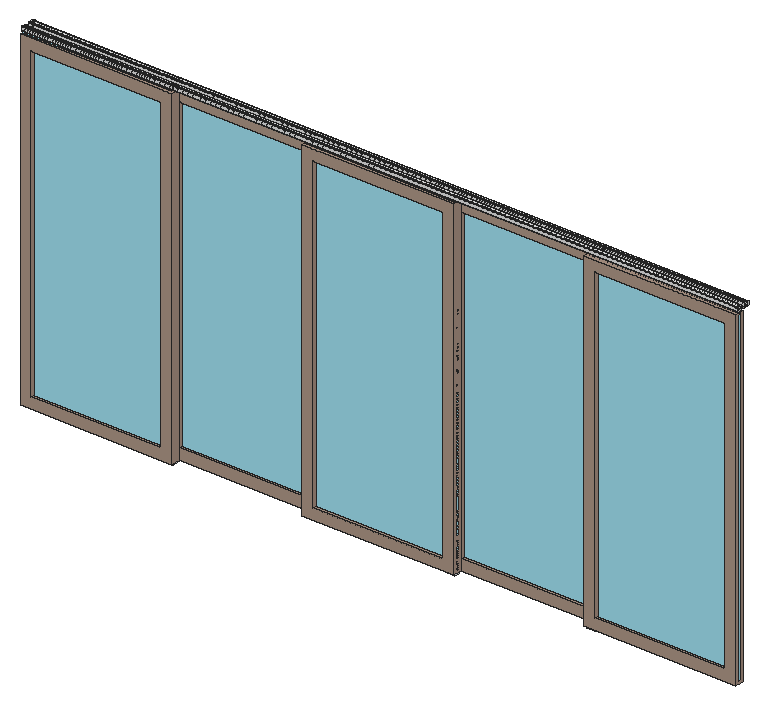
Revit family "5 Panel Slide SB5 XRDLP", category Doors, host Wall, Revit 2016
Family settings
  Host = Wall
  Always vertical = Yes
  Cut with Voids When Loaded = No
  Shared = No
  Room Calculation Point = No
Parameters (values of type "198"x 94 1/8"")
  URL = "www.raydoor.com"
  Type Image = SB5.jpg
  Thickness = 2 1/4"  # constant formula
  Rough Width = 1"  # constant formula
  Rough Height = 1/4"  # constant formula
  Model = "SB5"
  Function = Interior
  Door Material = Door - Panel
  Panel Material = Glass, Cast, Gray
  Height = 94 1/8"
  Trim Projection Ext = 63/64"  # constant formula
  Typ = 3"  # constant formula
  Wall Closure = By host
  Width = 198"
  Assembly Code = "SB5 XRDLP"
  Analytic Construction = "<None>"
Reference planes (in)
  plane 1: y = 0
  plane 2: z = 0
  plane 3: x = 0
  plane 4: x = -99
  plane 5: x = 99
  plane 6: z = 94.125
  plane 7: z = 92.9375
  plane 8: x = 96
  plane 9: x = 97.5
  plane 10: x = 18
  plane 11: x = 19.5
  plane 12: x = 21
  plane 13: x = -97.5
  plane 14: x = -96
  plane 15: y = 0.125
  plane 16: y = -2.375
  plane 17: y = 2.375
  plane 18: y = -0.125
  plane 19: x = -58.5
  plane 20: x = -57
  plane 21: x = -60
  plane 22: x = 58.5
  plane 23: x = 60
  plane 24: x = 57
  plane 25: x = -19.5
  plane 26: x = -18
  plane 27: x = -21
Forms (in)
  Extrusion 1, solid, material "Door - Panel" <- "Door Material"
    sketch origin (-58, 2.62273, 0.25) x (1, 0, 0) y (0, 0, 1)
      loop
        line (76, 92.125) -> (76, 0.25) -> (118, 0.25) -> (118, 92.125) -> (76, 92.125)
      loop
        line (79, 89.125) -> (79, 3.25) -> (115, 3.25) -> (115, 89.125) -> (79, 89.125)
    from 0.24937 to 2.49773
  Extrusion 2, void
    sketch origin (-57.92216, -7.89221, -90.75) x (1, 0, 0) y (0, 0, 1)
      loop
        line (75.92216, 92.125) -> (75.92216, 91.25) -> (117.92216, 91.25) -> (117.92216, 92.125) -> (75.92216, 92.125)
    from -9.26557 to -9.01721
  Extrusion 3, solid, material "Door - Panel" <- "Door Material"
    sketch origin (-99, 0.3721, 0.25) x (1, 0, 0) y (0, 0, 1)
      loop
        line (0, 92.125) -> (0, 0.25) -> (42, 0.25) -> (42, 92.125) -> (0, 92.125)
      loop
        line (3, 89.125) -> (3, 3.25) -> (39, 3.25) -> (39, 89.125) -> (3, 89.125)
    from 0.4971 to 2.7471
  Extrusion 4, solid, material "Glass, Cast, Gray" <- "Panel Material"
    sketch origin (-98.99995, -7.34164, 0.25) x (1, 0, 0) y (0, 0, 1)
      loop
        line (-0.00005, 92.125) -> (-0.00005, 1.125) -> (41.99995, 1.125) -> (41.99995, 92.125) -> (-0.00005, 92.125)
    from -6.21664 to -5.96828
  Extrusion 5, void
    sketch origin (-99, -14.51721, -90.75) x (1, 0, 0) y (0, 0, 1)
      loop
        line (0, 92.125) -> (0, 91.25) -> (42, 91.25) -> (42, 92.125) -> (0, 92.125)
    from -13.39221 to -13.14385
  Extrusion 6, solid, material "UHMW, White"
    sketch origin (0, 42.66856, -9.0893) x (0, 1, 0) y (0, 0, 1)
      loop
        line (-40.98125, 103.19868) -> (-41.00944, 103.2143) -> (-41.82807, 103.2143) -> (-41.85625, 103.19868)
        arc (-41.85625, 103.19868) -> (-41.80157, 103.14399) -> (-41.85625, 103.0893) r 0.05469
        line (-41.85625, 103.0893) -> (-41.98125, 103.0893)
        arc (-41.98125, 103.0893) -> (-42.00335, 103.08015) -> (-42.0125, 103.05805) r 0.03125
        line (-42.0125, 103.05805) -> (-42.0125, 102.01916)
        arc (-42.0125, 102.01916) -> (-42.00619, 102.00031) -> (-41.9898, 101.98907) r 0.0313
        line (-41.9898, 101.98907) -> (-41.79375, 101.93305) -> (-41.69219, 101.93305)
        arc (-41.69219, 101.93305) -> (-41.67401, 101.9417) -> (-41.66924, 101.96126) r 0.02344
        arc (-41.66924, 101.96126) -> (-41.67141, 101.97686) -> (-41.68296, 101.98757) r 0.02344
        line (-41.68296, 101.98757) -> (-41.93438, 102.0594) -> (-41.93438, 102.13127) -> (-41.95, 102.19377) -> (-41.95, 102.99555) -> (-41.80157, 103.006) -> (-41.70968, 103.12055) -> (-41.12783, 103.12055) -> (-41.03594, 103.006) -> (-40.8875, 102.99555) -> (-40.8875, 102.19377) -> (-40.90313, 102.13127) -> (-40.90313, 102.0594) -> (-41.15455, 101.98757)
        arc (-41.15455, 101.98757) -> (-41.1661, 101.97686) -> (-41.16826, 101.96126) r 0.02344
        arc (-41.16826, 101.96126) -> (-41.1635, 101.9417) -> (-41.14532, 101.93305) r 0.02344
        line (-41.14532, 101.93305) -> (-41.04375, 101.93305) -> (-40.84771, 101.98907)
        arc (-40.84771, 101.98907) -> (-40.83132, 102.00031) -> (-40.825, 102.01916) r 0.0313
        line (-40.825, 102.01916) -> (-40.825, 103.05805)
        arc (-40.825, 103.05805) -> (-40.83416, 103.08015) -> (-40.85625, 103.0893) r 0.03125
        line (-40.85625, 103.0893) -> (-40.98125, 103.0893)
        arc (-40.98125, 103.0893) -> (-41.03594, 103.14399) -> (-40.98125, 103.19868) r 0.05469
    from -99 to 99
  Extrusion 7, solid, material "UHMW, White"
    sketch origin (-41.44048, 1.65912, 94.125) x (0, -1, 0) y (1, 0, 0)
      loop
        circle (2.90868, 99.94048) r 0.125
    from -1.75 to -0.09375
  Extrusion 8, solid, material "UHMW, White"
    sketch origin (0, 40.4202, -9.0893) x (0, 1, 0) y (0, 0, 1)
      loop
        line (-41.23289, 103.19868) -> (-41.26108, 103.2143) -> (-42.07971, 103.2143) -> (-42.10789, 103.19868)
        arc (-42.10789, 103.19868) -> (-42.05321, 103.14399) -> (-42.10789, 103.0893) r 0.05469
        line (-42.10789, 103.0893) -> (-42.23289, 103.0893)
        arc (-42.23289, 103.0893) -> (-42.25499, 103.08015) -> (-42.26414, 103.05805) r 0.03125
        line (-42.26414, 103.05805) -> (-42.26414, 102.01916)
        arc (-42.26414, 102.01916) -> (-42.25783, 102.00031) -> (-42.24144, 101.98907) r 0.0313
        line (-42.24144, 101.98907) -> (-42.04539, 101.93305) -> (-41.94383, 101.93305)
        arc (-41.94383, 101.93305) -> (-41.92565, 101.9417) -> (-41.92088, 101.96126) r 0.02344
        arc (-41.92088, 101.96126) -> (-41.92305, 101.97686) -> (-41.9346, 101.98757) r 0.02344
        line (-41.9346, 101.98757) -> (-42.18602, 102.0594) -> (-42.18602, 102.13127) -> (-42.20164, 102.19377) -> (-42.20164, 102.99555) -> (-42.05321, 103.006) -> (-41.96132, 103.12055) -> (-41.37947, 103.12055) -> (-41.28758, 103.006) -> (-41.13914, 102.99555) -> (-41.13914, 102.19377) -> (-41.15477, 102.13127) -> (-41.15477, 102.0594) -> (-41.40619, 101.98757)
        arc (-41.40619, 101.98757) -> (-41.41774, 101.97686) -> (-41.4199, 101.96126) r 0.02344
        arc (-41.4199, 101.96126) -> (-41.41514, 101.9417) -> (-41.39696, 101.93305) r 0.02344
        line (-41.39696, 101.93305) -> (-41.29539, 101.93305) -> (-41.09935, 101.98907)
        arc (-41.09935, 101.98907) -> (-41.08296, 102.00031) -> (-41.07664, 102.01916) r 0.0313
        line (-41.07664, 102.01916) -> (-41.07664, 103.05805)
        arc (-41.07664, 103.05805) -> (-41.0858, 103.08015) -> (-41.10789, 103.0893) r 0.03125
        line (-41.10789, 103.0893) -> (-41.23289, 103.0893)
        arc (-41.23289, 103.0893) -> (-41.28758, 103.14399) -> (-41.23289, 103.19868) r 0.05469
    from -99 to 99
  Extrusion 9, solid, material "UHMW, White"
    sketch origin (-92.86615, -11.16274, 94.125) x (0, -1, 0) y (1, 0, 0)
      loop
        circle (-12.41356, 34.36615) r 0.125
    from -1.75 to 0
  Extrusion 10, solid, material "Door - Panel" <- "Door Material"
    sketch origin (-99, 2.87047, 0.25) x (1, 0, 0) y (0, 0, 1)
      loop
        line (39, 92.125) -> (39, 0.25) -> (81, 0.25) -> (81, 92.125) -> (39, 92.125)
      loop
        line (42, 89.125) -> (42, 3.25) -> (78, 3.25) -> (78, 89.125) -> (42, 89.125)
    from 0.4971 to 2.74547
  Extrusion 11, solid, material "Glass, Cast, Gray" <- "Panel Material"
    sketch origin (-98.99995, -4.84328, 0.25) x (1, 0, 0) y (0, 0, 1)
      loop
        line (38.99995, 92.125) -> (38.99995, 1.125) -> (80.99995, 1.125) -> (80.99995, 92.125) -> (38.99995, 92.125)
    from -6.21664 to -5.96828
  Extrusion 12, void
    sketch origin (-99, -12.01885, -90.75) x (1, 0, 0) y (0, 0, 1)
      loop
        line (39, 92.125) -> (39, 91.25) -> (81, 91.25) -> (81, 92.125) -> (39, 92.125)
    from -13.39221 to -13.14385
  Extrusion 13, solid, material "Door - Panel" <- "Door Material"
    sketch origin (-67, 2.87047, 0.25) x (1, 0, 0) y (0, 0, 1)
      loop
        line (124, 92.125) -> (124, 0.25) -> (166, 0.25) -> (166, 92.125) -> (124, 92.125)
      loop
        line (127, 89.125) -> (127, 3.25) -> (163, 3.25) -> (163, 89.125) -> (127, 89.125)
    from 2.99547 to 5.24547
  Extrusion 14, solid, material "Glass, Cast, Gray" <- "Panel Material"
    sketch origin (-66.99995, -9.09328, 0.25) x (1, 0, 0) y (0, 0, 1)
      loop
        line (123.99995, 92.125) -> (123.99995, 1.125) -> (165.99995, 1.125) -> (165.99995, 92.125) -> (123.99995, 92.125)
    from -7.96664 to -7.71828
  Extrusion 15, void
    sketch origin (-67, -14.01885, -90.75) x (1, 0, 0) y (0, 0, 1)
      loop
        line (124, 92.125) -> (124, 91.25) -> (166, 91.25) -> (166, 92.125) -> (124, 92.125)
    from -12.89221 to -12.64385
  Extrusion 16, solid, material "Glass, Cast, Gray" <- "Panel Material"
    sketch origin (-58.59168, -1.02543, 0.25) x (1, 0, 0) y (0, 0, 1)
      loop
        line (76.59168, 92.125) -> (76.59168, 1.125) -> (118.59168, 1.125) -> (118.59168, 92.125) -> (76.59168, 92.125)
    from -2.39879 to -2.15043
  Extrusion 17, solid, material "Door - Panel" <- "Door Material"
    sketch origin (-15, 0.3721, 0.25) x (1, 0, 0) y (0, 0, 1)
      loop
        line (-6, 92.125) -> (-6, 0.25) -> (36, 0.25) -> (36, 92.125) -> (-6, 92.125)
      loop
        line (-3, 89.125) -> (-3, 3.25) -> (33, 3.25) -> (33, 89.125) -> (-3, 89.125)
    from 0.4971 to 2.7471
  Extrusion 18, solid, material "Glass, Cast, Gray" <- "Panel Material"
    sketch origin (-14.99995, -7.34164, 0.25) x (1, 0, 0) y (0, 0, 1)
      loop
        line (-6.00005, 92.125) -> (-6.00005, 1.125) -> (35.99995, 1.125) -> (35.99995, 92.125) -> (-6.00005, 92.125)
    from -6.21664 to -5.96828
  Extrusion 19, void
    sketch origin (-15, -14.51721, -90.75) x (1, 0, 0) y (0, 0, 1)
      loop
        line (-6, 92.125) -> (-6, 91.25) -> (36, 91.25) -> (36, 92.125) -> (-6, 92.125)
    from -13.39221 to -13.14385
  Extrusion 20, solid, material "UHMW, White", detail levels medium+fine
    sketch origin (27.1527, -1.73342, 0.25) x (0, 1, 0) y (0, 0, 1)
      loop
        line (3.66928, -0.25) -> (3.66928, -0.0625) -> (3.10678, -0.0625) -> (3.10678, 0.75) -> (2.91928, 0.75) -> (2.91928, -0.0625) -> (2.35678, -0.0625) -> (2.35678, -0.25) -> (3.66928, -0.25)
      loop
        line (-0.04289, 93.65625) -> (-0.04289, 92.85447) -> (1.00562, 92.85447) -> (1.00562, 93.65625) -> (-0.04289, 93.65625)
    from -84.4027 to -86.9027
  Extrusion 21, solid, material "UHMW, White", detail levels medium+fine
    sketch origin (27.1527, -4.23342, 0.25) x (0, 1, 0) y (0, 0, 1)
      loop
        line (3.67092, -0.25) -> (3.67092, -0.0625) -> (3.10842, -0.0625) -> (3.10842, 0.75) -> (2.92092, 0.75) -> (2.92092, -0.0625) -> (2.35842, -0.0625) -> (2.35842, -0.25) -> (3.67092, -0.25)
    from -84.4027 to -86.9027
  Extrusion 22, solid, material "UHMW, White", detail levels medium+fine
    sketch origin (105.1527, -4.23342, 0.25) x (0, 1, 0) y (0, 0, 1)
      loop
        line (3.67092, -0.25) -> (3.67092, -0.0625) -> (3.10842, -0.0625) -> (3.10842, 0.75) -> (2.92092, 0.75) -> (2.92092, -0.0625) -> (2.35842, -0.0625) -> (2.35842, -0.25) -> (3.67092, -0.25)
    from -84.4027 to -86.9027
  Extrusion 23, solid, material "UHMW, White", detail levels medium+fine
    sketch origin (188.27771, 0.76658, 0.25) x (0, 1, 0) y (0, 0, 1)
      loop
        line (1.16928, -0.25) -> (1.16928, -0.0625) -> (0.60678, -0.0625) -> (0.60678, 0.75) -> (0.41928, 0.75) -> (0.41928, -0.0625) -> (-0.14322, -0.0625) -> (-0.14322, -0.25) -> (1.16928, -0.25)
      loop
        line (-0.04125, 93.65625) -> (-0.04125, 92.85447) -> (1.00726, 92.85447) -> (1.00726, 93.65625) -> (-0.04125, 93.65625)
    from -128.52771 to -131.02771
  Extrusion 24, solid, material "UHMW, White", detail levels medium+fine
    sketch origin (144.1527, -4.23342, 0.25) x (0, 1, 0) y (0, 0, 1)
      loop
        line (3.67092, -0.25) -> (3.67092, -0.0625) -> (3.10842, -0.0625) -> (3.10842, 0.75) -> (2.92092, 0.75) -> (2.92092, -0.0625) -> (2.35842, -0.0625) -> (2.35842, -0.25) -> (3.67092, -0.25)
    from -84.4027 to -86.9027
Cuts and joins
  Extrusion 2 cuts Extrusion 1
  Extrusion 5, Extrusion 12, Extrusion 19 cuts Extrusion 3
  Extrusion 5, Extrusion 12, Extrusion 19 cuts Extrusion 4
  Extrusion 12, Extrusion 15 cuts Extrusion 10
  Extrusion 12, Extrusion 15 cuts Extrusion 11
  Extrusion 15 cuts Extrusion 13
  Extrusion 15 cuts Extrusion 14
  Extrusion 19 cuts Extrusion 17
  Extrusion 19 cuts Extrusion 18
Lines and regions (in)
  Opening 1
    outline origin (-60, -2.99773, 144) x (0, 0, -1) y (1, 0, 0)
      loop
        line (49.875, -39) -> (144, -39) -> (144, 159) -> (49.875, 159) -> (49.875, -39)
  Masking region 1
    outline origin (-7.24693, 27.04592, 0) x (1, 0, 0) y (0, 1, 0)
      loop
        line (-49.75307, -29.42092) -> (-49.75307, -27.17092) -> (-91.75307, -27.17092) -> (-91.75307, -29.42092) -> (-49.75307, -29.42092)
  Masking region 2
    outline origin (-7.24693, 29.28975, 0) x (1, 0, 0) y (0, 1, 0)
      loop
        line (-49.75307, -29.16475) -> (-49.75307, -26.91475) -> (-91.75307, -26.91475) -> (-91.75307, -29.16475) -> (-49.75307, -29.16475)
  Masking region 3
    outline origin (41.75307, 34.80676, 0) x (1, 0, 0) y (0, 1, 0)
      loop
        line (57.24693, -37.18176) -> (57.24693, -34.93176) -> (15.24693, -34.93176) -> (15.24693, -37.18176) -> (57.24693, -37.18176)
  Masking region 4
    outline origin (41.75307, 37.05059, 0) x (1, 0, 0) y (0, 1, 0)
      loop
        line (57.24693, -36.92559) -> (57.24693, -34.67559) -> (15.24693, -34.67559) -> (15.24693, -36.92559) -> (57.24693, -36.92559)
  Masking region 5
    outline origin (48.44629, 21.19233, 0) x (1, 0, 0) y (0, 1, 0)
      loop
        line (-66.44629, -23.56733) -> (-66.44629, -21.31733) -> (-105.44629, -21.31733) -> (-105.44629, -23.56733) -> (-66.44629, -23.56733)
  symbolic lines, style "Elevation Swing"
    curve 1: line (-49.00001, 0, 37.98833) -> (-29.00001, 0, 37.98833)
    curve 2: line (-29.00001, 0, 32.79755) -> (-49.00001, 0, 32.79755)
    curve 3: line (-49.00001, 0, 37.98833) -> (-43.80385, 0, 40.98833)
    curve 4: line (-34.19616, 0, 29.79755) -> (-29.00001, 0, 32.79755)
    curve 14: line (29, 0, 37.98833) -> (49, 0, 37.98833)
    curve 15: line (49, 0, 32.79755) -> (29, 0, 32.79755)
    curve 16: line (29, 0, 37.98833) -> (34.19616, 0, 40.98833)
    curve 17: line (43.80385, 0, 29.79755) -> (49, 0, 32.79755)
  symbolic lines, style "Plan Swing"
    curve 5: line (49, -14.55138, 0) -> (29, -14.55138, 0)
    curve 6: line (29, -14.55138, 0) -> (31.12132, -12.43006, 0)
    curve 7: line (49, -16.07036, 0) -> (28.2102, -16.07036, 0)
    curve 8: line (46.87868, -18.19168, 0) -> (49, -16.07036, 0)
    curve 10: line (-29.00001, -14.55138, 0) -> (-49.00001, -14.55138, 0)
    curve 11: line (-49.00001, -14.55138, 0) -> (-46.87869, -12.43006, 0)
    curve 12: line (-29.00001, -16.07036, 0) -> (-49.78981, -16.07036, 0)
    curve 13: line (-31.12133, -18.19168, 0) -> (-29.00001, -16.07036, 0)
  model lines
    curve 9: line (-99, 3.00227, 0) -> (99, 3.00227, 0)
Dimensions and locks (in)
  equal spacing: plane 4, plane 3, plane 5
  "Width": plane 4 to plane 5
  "Height": plane 6 to plane 2
  locked: plane 6 to plane 7 at 1.1875
  equal spacing: plane 8, plane 9, plane 5, locked at 1.5 each
  "Typ": plane 8 to plane 5
  equal spacing: plane 10, plane 11, plane 12, locked at 1.5 each
  "Typ": plane 10 to plane 12
  equal spacing: plane 13, plane 19, plane 25, plane 11, plane 22, plane 9
  "Typ": Extrusion 1 sketch curve to Extrusion 1 sketch curve  (x2)
  locked: Extrusion 2 to Extrusion 2 at 0.24836
  "Typ": Extrusion 3 sketch curve to Extrusion 3 sketch curve  (x2)
  locked: Extrusion 4 to Extrusion 4 at 0.24836
  locked: Extrusion 3 to Extrusion 4 at 1
  locked: Extrusion 4 sketch curve to Extrusion 3 at 0.875
  locked: Extrusion 5 to Extrusion 5 at 0.24836
  locked: plane 15 to plane 18 at 0.25
  "Typ": plane 4 to plane 14
  "Thickness": plane 17 to plane 15
  "Thickness": plane 18 to plane 16
  equal spacing: plane 4, plane 13, plane 14
  locked: plane 17 to Extrusion 9 sketch curve at 1.24918
  locked: Extrusion 7 sketch curve to plane 16 at 1.00044
  equal spacing: plane 21, plane 19, plane 20, locked at 1.5 each
  "Typ": plane 21 to plane 20
  equal spacing: plane 24, plane 22, plane 23
  "Typ": plane 24 to plane 23
  "Typ": Extrusion 10 sketch curve to Extrusion 10 sketch curve  (x2)
  locked: Extrusion 11 to Extrusion 11 at 0.24836
  locked: Extrusion 10 to Extrusion 11 at 1
  locked: Extrusion 11 sketch curve to Extrusion 10 at 0.875
  locked: Extrusion 12 to Extrusion 12 at 0.24836
  locked: cut or joined group of Extrusion 11, Extrusion 12, Extrusion 15 to plane 15 at 1
  "Typ": Extrusion 13 sketch curve to Extrusion 13 sketch curve  (x2)
  locked: Extrusion 14 to Extrusion 14 at 0.24836
  Extrusion 13 to Extrusion 14 = 1.00164"
  locked: Extrusion 14 sketch curve to Extrusion 13 at 0.875
  locked: Extrusion 15 to Extrusion 15 at 0.24836
  locked: Extrusion 7 sketch curve to plane 23 at 1.375
  equal spacing: plane 27, plane 25, plane 26
  "Typ": plane 27 to plane 26
  locked: Extrusion 16 to Extrusion 16 at 0.24836
  locked: plane 15 to Extrusion 16 at 1
  "Typ": Extrusion 17 sketch curve to Extrusion 17 sketch curve  (x2)
  locked: Extrusion 18 to Extrusion 18 at 0.24836
  locked: Extrusion 17 to Extrusion 18 at 1
  locked: Extrusion 18 sketch curve to Extrusion 17 at 0.875
  locked: Extrusion 19 to Extrusion 19 at 0.24836
  Extrusion 20 sketch curve to Extrusion 20 sketch curve = 3/16"
  locked: Extrusion 20 sketch curve to Extrusion 20 sketch curve at 0.5625  (x2)
  locked: Extrusion 20 sketch curve to Extrusion 20 sketch curve at 0.1875
  locked: Extrusion 20 to Extrusion 20 at 2.5
  "Rough Height": plane 21 to Extrusion 20
  Extrusion 21 sketch curve to Extrusion 21 sketch curve = 3/16"
  locked: Extrusion 21 sketch curve to Extrusion 21 sketch curve at 0.5625  (x2)
  locked: Extrusion 21 sketch curve to Extrusion 21 sketch curve at 0.1875
  locked: Extrusion 21 to Extrusion 21 at 2.5
  "Rough Height": plane 21 to Extrusion 21
  Extrusion 22 sketch curve to Extrusion 22 sketch curve = 3/16"
  locked: Extrusion 22 sketch curve to Extrusion 22 sketch curve at 0.5625  (x2)
  locked: Extrusion 22 sketch curve to Extrusion 22 sketch curve at 0.1875
  locked: Extrusion 22 to Extrusion 22 at 2.5
  "Rough Height": plane 10 to Extrusion 22
  Extrusion 23 sketch curve to Extrusion 23 sketch curve = 3/16"
  locked: Extrusion 23 sketch curve to Extrusion 23 sketch curve at 0.5625  (x2)
  locked: Extrusion 23 sketch curve to Extrusion 23 sketch curve at 0.1875
  locked: Extrusion 23 to Extrusion 23 at 2.5
  "Rough Height": plane 24 to Extrusion 23
  Extrusion 24 sketch curve to Extrusion 24 sketch curve = 3/16"
  locked: Extrusion 24 sketch curve to Extrusion 24 sketch curve at 0.5625  (x2)
  locked: Extrusion 24 sketch curve to Extrusion 24 sketch curve at 0.1875
  locked: Extrusion 24 to Extrusion 24 at 2.5
  "Rough Height": plane 24 to Extrusion 24
  diameter of Extrusion 7 sketch curve = 1/4"
  diameter of Extrusion 9 sketch curve = 1/4"
  aligned and locked: plane 5 to curve 9
  aligned and locked: Opening 1 sketch curve to plane 5
  aligned and locked: Opening 1 sketch curve to plane 4
  aligned and locked: Extrusion 1 to Extrusion 2  (x3)
  aligned and locked: Extrusion 3 to Extrusion 4
  aligned and locked: Extrusion 3 to Extrusion 5  (x3)
  aligned and locked: plane 4 to cut or joined group of Extrusion 3, Extrusion 5, Extrusion 12, Extrusion 19
  aligned and locked: plane 4 to cut or joined group of Extrusion 4, Extrusion 5, Extrusion 12, Extrusion 19
  aligned and locked: cut or joined group of Extrusion 3, Extrusion 5, Extrusion 12, Extrusion 19 to plane 14
  aligned and locked: plane 17 to Masking region 2
  aligned and locked: Masking region 2 to plane 15
  aligned and locked: Extrusion 7 to Extrusion 6
  aligned and locked: plane 4 to Extrusion 8
  aligned and locked: plane 4 to Extrusion 6
  aligned and locked: plane 4 to Masking region 1
  aligned and locked: plane 18 to Masking region 1
  aligned and locked: Masking region 1 to plane 16
  aligned and locked: Extrusion 3 to plane 20
  aligned and locked: cut or joined group of Extrusion 3, Extrusion 5, Extrusion 12, Extrusion 19 to Extrusion 4
  aligned and locked: cut or joined group of Extrusion 3, Extrusion 5, Extrusion 12, Extrusion 19 to plane 16
  aligned and locked: plane 18 to cut or joined group of Extrusion 3, Extrusion 5, Extrusion 12, Extrusion 19
  aligned and locked: plane 10 to cut or joined group of Extrusion 1, Extrusion 2
  aligned and locked: cut or joined group of Extrusion 1, Extrusion 2 to plane 23
  aligned and locked: cut or joined group of Extrusion 1, Extrusion 2 to plane 24
  aligned and locked: Masking region 1 to plane 20
  aligned and locked: cut or joined group of Extrusion 4, Extrusion 5, Extrusion 12, Extrusion 19 to Extrusion 5
  aligned and locked: Extrusion 10 to Extrusion 11
  aligned and locked: Extrusion 10 to Extrusion 12  (x2)
  aligned and locked: Extrusion 10 to Masking region 2
  aligned and locked: Masking region 2 to Extrusion 10
  aligned and locked: cut or joined group of Extrusion 10, Extrusion 12, Extrusion 15 to plane 20
  aligned and locked: cut or joined group of Extrusion 10, Extrusion 12, Extrusion 15 to plane 21
  aligned and locked: cut or joined group of Extrusion 11, Extrusion 12, Extrusion 15 to plane 21
  aligned and locked: Extrusion 3 to plane 21
  aligned and locked: plane 4 to Masking region 2
  aligned and locked: Masking region 2 to plane 20
  aligned and locked: Extrusion 13 to Extrusion 14
  aligned and locked: Extrusion 13 to Extrusion 15  (x3)
  aligned and locked: cut or joined group of Extrusion 13, Extrusion 15 to plane 5
  aligned and locked: cut or joined group of Extrusion 14, Extrusion 15 to plane 5
  aligned and locked: plane 8 to cut or joined group of Extrusion 13, Extrusion 15
  aligned and locked: cut or joined group of Extrusion 13, Extrusion 15 to plane 23
  aligned and locked: cut or joined group of Extrusion 13, Extrusion 15 to plane 24
  aligned and locked: cut or joined group of Extrusion 14, Extrusion 15 to plane 24
  aligned and locked: Masking region 3 to plane 16
  aligned and locked: Masking region 3 to plane 18
  aligned and locked: Masking region 3 to plane 5
  aligned and locked: Masking region 3 to plane 24
  aligned and locked: Masking region 4 to plane 15
  aligned and locked: Masking region 4 to plane 17
  aligned and locked: Masking region 4 to plane 5
  aligned and locked: Masking region 4 to plane 24
  aligned and locked: Extrusion 8 to plane 5
  aligned and locked: Extrusion 6 to plane 5
  aligned and locked: Extrusion 10 to plane 26
  aligned and locked: cut or joined group of Extrusion 10, Extrusion 12, Extrusion 15 to plane 27
  aligned and locked: cut or joined group of Extrusion 10, Extrusion 12, Extrusion 15 to Extrusion 12
  aligned and locked: cut or joined group of Extrusion 11, Extrusion 12, Extrusion 15 to plane 26
  aligned and locked: cut or joined group of Extrusion 1, Extrusion 2 to plane 17
  aligned and locked: cut or joined group of Extrusion 1, Extrusion 2 to plane 15
  aligned and locked: plane 10 to Extrusion 16
  aligned and locked: cut or joined group of Extrusion 13, Extrusion 15 to plane 16
  aligned and locked: cut or joined group of Extrusion 13, Extrusion 15 to plane 18
  aligned and locked: Extrusion 2 to Extrusion 16
  aligned and locked: Extrusion 15 to cut or joined group of Extrusion 14, Extrusion 15
  aligned and locked: Extrusion 17 to Extrusion 18
  aligned and locked: Extrusion 17 to Extrusion 19  (x3)
  aligned and locked: cut or joined group of Extrusion 17, Extrusion 19 to plane 27
  aligned and locked: cut or joined group of Extrusion 18, Extrusion 19 to plane 27
  aligned and locked: cut or joined group of Extrusion 17, Extrusion 19 to plane 26
  aligned and locked: cut or joined group of Extrusion 18, Extrusion 19 to plane 12
  aligned and locked: cut or joined group of Extrusion 17, Extrusion 19 to plane 12
  aligned and locked: plane 10 to cut or joined group of Extrusion 17, Extrusion 19
  aligned and locked: plane 18 to Masking region 5
  aligned and locked: Masking region 5 to plane 16
  aligned and locked: plane 20 to Masking region 5
  aligned and locked: Masking region 5 to plane 26
  aligned and locked: Extrusion 20 sketch curve to Extrusion 20 sketch curve
  aligned and locked: Extrusion 21 sketch curve to Extrusion 21 sketch curve
  aligned and locked: cut or joined group of Extrusion 3, Extrusion 5, Extrusion 12, Extrusion 19 to Extrusion 21
  aligned and locked: Extrusion 22 sketch curve to Extrusion 22 sketch curve
  aligned and locked: cut or joined group of Extrusion 1, Extrusion 2 to Extrusion 16
  aligned and locked: Extrusion 24 sketch curve to Extrusion 24 sketch curve
Automatic sketch dimensions
  curve 16 to plane 12 = 8"
  level to curve 16 = 37.98833"
  curve 3 to plane 20 = 8"
  level to curve 3 = 37.98833"
  curve 17 to plane 24 = 8"
  curve 14 to curve 17 = 5.19077"
  curve 1 to curve 2 = 5.19077"
  curve 2 to plane 27 = 8"
  curve 3 to plane 20 = 13.19615"
  curve 3 to curve 1 = 3"
  curve 16 to plane 12 = 13.19616"
  curve 16 to curve 14 = 3"
  curve 17 to plane 24 = 13.19615"
  curve 15 to curve 17 = 3"
  curve 4 to plane 27 = 13.19616"
  curve 2 to curve 4 = 3"
  curve 1 to curve 2 = 0"  (x2)
  curve 14 to curve 15 = 0"  (x2)
  Opening 1 sketch curve to plane 6 = 0"
  Opening 1 sketch curve to level = 0"
  curve 11 to plane 20 = 8"
  curve 12 to plane 27 = 8"
  curve 6 to plane 12 = 8"
  curve 7 to plane 24 = 8"
  host wall to curve 8 = 13.07263"
  host wall to curve 13 = 13.07263"
  curve 12 to curve 10 = 1.51898"
  curve 7 to curve 5 = 1.51898"
  curve 12 to curve 10 = 0.7898"
  curve 10 to curve 11 = 2.12132"  (x2)
  curve 13 to curve 12 = 2.12132"  (x2)
  curve 10 to curve 12 = 0"
  curve 7 to curve 5 = 0.7898"
  curve 5 to curve 6 = 2.12132"  (x2)
  curve 8 to curve 7 = 2.12132"  (x2)
  curve 5 to curve 7 = 0"
  curve 9 to level = 0"
  plane 4 to curve 9 = 0"
  Masking region 1 sketch curve to plane 4 = 0"
  Masking region 1 sketch curve to plane 18 = 0"
  plane 20 to Masking region 1 sketch curve = 0"
  Masking region 1 sketch curve to plane 16 = 0"
  Masking region 2 sketch curve to plane 4 = 0"
  Masking region 2 sketch curve to plane 17 = 0"
  plane 20 to Masking region 2 sketch curve = 0"
  Masking region 2 sketch curve to plane 15 = 0"
  Extrusion 2 sketch curve to plane 10 = 0"
  plane 23 to Extrusion 2 sketch curve = 0"
  level to Extrusion 2 sketch curve = 1/2"
  Extrusion 2 sketch curve to Extrusion 2 sketch curve = 7/8"
  plane 4 to Extrusion 4 sketch curve = 0"
  plane 20 to Extrusion 4 sketch curve = 0"
  plane 7 to Extrusion 4 sketch curve = 9/16"
  plane 4 to Extrusion 5 sketch curve = 0"
  plane 20 to Extrusion 5 sketch curve = 0"
  level to Extrusion 5 sketch curve = 1/2"
  Extrusion 5 sketch curve to Extrusion 5 sketch curve = 7/8"
  plane 6 to Extrusion 6 sketch curve = 0"
  plane 7 to Extrusion 6 sketch curve = 0.00764"  (x2)
  plane 15 to Extrusion 6 sketch curve = 0.53106"
  plane 7 to Extrusion 6 sketch curve = 0.03774"  (x2)
  Extrusion 6 sketch curve to Extrusion 6 sketch curve = 0.0227"
  Extrusion 6 sketch curve to Extrusion 6 sketch curve = 1/32"  (x3)
  Extrusion 6 sketch curve to plane 7 = 0.10447"
  Extrusion 6 sketch curve to Extrusion 6 sketch curve = 1/64"  (x2)
  Extrusion 6 sketch curve to Extrusion 6 sketch curve = 1/8"
  Extrusion 6 sketch curve to Extrusion 6 sketch curve = 0.02819"  (x2)
  plane 6 to Extrusion 6 sketch curve = 0.20831"  (x2)
  Extrusion 6 sketch curve to Extrusion 6 sketch curve = 7/128"  (x3)
  plane 7 to Extrusion 6 sketch curve = 3/32"  (x2)
  Extrusion 6 sketch curve to Extrusion 6 sketch curve = 9/64"  (x2)
  plane 6 to Extrusion 6 sketch curve = 3/32"
  Extrusion 6 sketch curve to Extrusion 6 sketch curve = 0.09189"  (x2)
  Extrusion 6 sketch curve to Extrusion 6 sketch curve = 13/128"  (x2)
  Extrusion 6 sketch curve to Extrusion 6 sketch curve = 0"  (x2)
  plane 7 to Extrusion 6 sketch curve = 0.03924"  (x2)
  Extrusion 6 sketch curve to Extrusion 6 sketch curve = 0.00923"  (x2)
  Extrusion 6 sketch curve to Extrusion 6 sketch curve = 0.52841"
  Extrusion 6 sketch curve to Extrusion 6 sketch curve = 0.58185"
  Extrusion 6 sketch curve to Extrusion 6 sketch curve = 0.11839"
  Extrusion 6 sketch curve to plane 7 = 0.0326"  (x2)
  Extrusion 6 sketch curve to plane 7 = 0.16697"
  Extrusion 6 sketch curve to Extrusion 6 sketch curve = 0.04683"
  Extrusion 6 sketch curve to Extrusion 6 sketch curve = 0.0086"
  Extrusion 6 sketch curve to Extrusion 6 sketch curve = 3/128"  (x2)
  Extrusion 6 sketch curve to Extrusion 6 sketch curve = 0.00953"  (x2)
  Extrusion 6 sketch curve to Extrusion 6 sketch curve = 1/16"  (x4)
  Extrusion 6 sketch curve to Extrusion 6 sketch curve = 0.01044"  (x2)
  plane 6 to Extrusion 8 sketch curve = 0"
  plane 7 to Extrusion 8 sketch curve = 0.00764"  (x2)
  plane 16 to Extrusion 8 sketch curve = 0.53106"
  plane 7 to Extrusion 8 sketch curve = 0.03774"  (x2)
  Extrusion 8 sketch curve to Extrusion 8 sketch curve = 0.0227"
  Extrusion 8 sketch curve to Extrusion 8 sketch curve = 1/32"  (x3)
  Extrusion 8 sketch curve to plane 7 = 0.10447"
  Extrusion 8 sketch curve to Extrusion 8 sketch curve = 1/64"  (x2)
  Extrusion 8 sketch curve to Extrusion 8 sketch curve = 1/8"
  Extrusion 8 sketch curve to Extrusion 8 sketch curve = 0.02819"  (x2)
  plane 6 to Extrusion 8 sketch curve = 0.20831"  (x2)
  Extrusion 8 sketch curve to Extrusion 8 sketch curve = 7/128"  (x3)
  plane 7 to Extrusion 8 sketch curve = 3/32"  (x2)
  Extrusion 8 sketch curve to Extrusion 8 sketch curve = 9/64"  (x2)
  plane 6 to Extrusion 8 sketch curve = 3/32"
  Extrusion 8 sketch curve to Extrusion 8 sketch curve = 0.09189"  (x2)
  Extrusion 8 sketch curve to Extrusion 8 sketch curve = 13/128"  (x2)
  Extrusion 8 sketch curve to Extrusion 8 sketch curve = 0"  (x2)
  plane 7 to Extrusion 8 sketch curve = 0.03924"  (x2)
  Extrusion 8 sketch curve to Extrusion 8 sketch curve = 0.00923"  (x2)
  Extrusion 8 sketch curve to Extrusion 8 sketch curve = 0.52841"
  Extrusion 8 sketch curve to Extrusion 8 sketch curve = 0.58185"
  Extrusion 8 sketch curve to Extrusion 8 sketch curve = 0.11839"
  Extrusion 8 sketch curve to plane 7 = 0.0326"  (x2)
  Extrusion 8 sketch curve to plane 7 = 0.16697"
  Extrusion 8 sketch curve to Extrusion 8 sketch curve = 0.04683"
  Extrusion 8 sketch curve to Extrusion 8 sketch curve = 0.0086"
  Extrusion 8 sketch curve to Extrusion 8 sketch curve = 3/128"  (x2)
  Extrusion 8 sketch curve to Extrusion 8 sketch curve = 0.00953"  (x2)
  Extrusion 8 sketch curve to Extrusion 8 sketch curve = 1/16"  (x4)
  Extrusion 8 sketch curve to Extrusion 8 sketch curve = 0.01044"  (x2)
  Extrusion 6 to Extrusion 9 sketch curve = 40 1/2"
  plane 21 to Extrusion 11 sketch curve = 0"
  plane 26 to Extrusion 11 sketch curve = 0"
  plane 7 to Extrusion 11 sketch curve = 9/16"
  plane 21 to Extrusion 12 sketch curve = 0"
  plane 26 to Extrusion 12 sketch curve = 0"
  level to Extrusion 12 sketch curve = 1/2"
  Extrusion 12 sketch curve to Extrusion 12 sketch curve = 7/8"
  plane 24 to Extrusion 14 sketch curve = 0"
  plane 5 to Extrusion 14 sketch curve = 0"
  plane 7 to Extrusion 14 sketch curve = 9/16"
  plane 24 to Extrusion 15 sketch curve = 0"
  plane 5 to Extrusion 15 sketch curve = 0"
  level to Extrusion 15 sketch curve = 1/2"
  Extrusion 15 sketch curve to Extrusion 15 sketch curve = 7/8"
  Masking region 3 sketch curve to plane 16 = 0"
  plane 24 to Masking region 3 sketch curve = 0"
  Masking region 3 sketch curve to plane 5 = 0"
  plane 18 to Masking region 3 sketch curve = 0"
  Masking region 4 sketch curve to plane 15 = 0"
  plane 24 to Masking region 4 sketch curve = 0"
  Masking region 4 sketch curve to plane 5 = 0"
  plane 17 to Masking region 4 sketch curve = 0"
  Extrusion 16 sketch curve to plane 10 = 0"
  plane 23 to Extrusion 16 sketch curve = 0"
  level to Extrusion 16 sketch curve = 1 3/8"
  plane 7 to Extrusion 16 sketch curve = 9/16"
  plane 27 to Extrusion 18 sketch curve = 0"
  plane 12 to Extrusion 18 sketch curve = 0"
  plane 7 to Extrusion 18 sketch curve = 9/16"
  plane 27 to Extrusion 19 sketch curve = 0"
  plane 12 to Extrusion 19 sketch curve = 0"
  level to Extrusion 19 sketch curve = 1/2"
  Extrusion 19 sketch curve to Extrusion 19 sketch curve = 7/8"
  Masking region 5 sketch curve to plane 16 = 0"
  plane 20 to Masking region 5 sketch curve = 0"
  Masking region 5 sketch curve to plane 18 = 0"
  plane 26 to Masking region 5 sketch curve = 0"
  Extrusion 20 sketch curve to level = 0"
  Extrusion 20 sketch curve to plane 7 = 0.16697"
  plane 16 to Extrusion 20 sketch curve = 0.59869"
  plane 6 to Extrusion 20 sketch curve = 7/32"
  Extrusion 20 sketch curve to plane 18 = 0.6028"
  plane 15 to Extrusion 20 sketch curve = 0.49836"
  Extrusion 20 sketch curve to Extrusion 20 sketch curve = 13/16"
  Extrusion 21 sketch curve to level = 0"
  plane 16 to Extrusion 21 sketch curve = 1/2"
  Extrusion 21 sketch curve to Extrusion 21 sketch curve = 13/16"
  Extrusion 22 sketch curve to level = 0"
  plane 16 to Extrusion 22 sketch curve = 1/2"
  Extrusion 22 sketch curve to Extrusion 22 sketch curve = 13/16"
  Extrusion 23 sketch curve to level = 0"
  plane 15 to Extrusion 23 sketch curve = 0.49836"
  Extrusion 23 sketch curve to plane 7 = 0.16697"
  plane 15 to Extrusion 23 sketch curve = 0.60033"
  plane 6 to Extrusion 23 sketch curve = 7/32"
  Extrusion 23 sketch curve to plane 17 = 0.60116"
  level to Extrusion 23 sketch curve = 3/16"
  Extrusion 23 sketch curve to Extrusion 23 sketch curve = 13/16"
  Extrusion 24 sketch curve to level = 0"
  plane 16 to Extrusion 24 sketch curve = 1/2"
  Extrusion 24 sketch curve to Extrusion 24 sketch curve = 13/16"
  Extrusion 1 sketch curve to plane 10 = 0"
  plane 24 to Extrusion 1 sketch curve = 0"
  plane 23 to Extrusion 1 sketch curve = 0"
  plane 12 to Extrusion 1 sketch curve = 0"
  level to Extrusion 1 sketch curve = 1/2"
  plane 7 to Extrusion 1 sketch curve = 3 9/16"
  plane 4 to Extrusion 3 sketch curve = 0"
  plane 14 to Extrusion 3 sketch curve = 0"
  plane 21 to Extrusion 3 sketch curve = 0"
  plane 20 to Extrusion 3 sketch curve = 0"
  level to Extrusion 3 sketch curve = 1/2"
  plane 7 to Extrusion 3 sketch curve = 3 9/16"
  plane 21 to Extrusion 10 sketch curve = 0"
  plane 20 to Extrusion 10 sketch curve = 0"
  plane 27 to Extrusion 10 sketch curve = 0"
  plane 26 to Extrusion 10 sketch curve = 0"
  level to Extrusion 10 sketch curve = 1/2"
  plane 7 to Extrusion 10 sketch curve = 3 9/16"
  plane 24 to Extrusion 13 sketch curve = 0"
  plane 23 to Extrusion 13 sketch curve = 0"
  Extrusion 13 sketch curve to plane 8 = 0"
  plane 5 to Extrusion 13 sketch curve = 0"
  level to Extrusion 13 sketch curve = 1/2"
  plane 7 to Extrusion 13 sketch curve = 3 9/16"
  plane 27 to Extrusion 17 sketch curve = 0"
  plane 26 to Extrusion 17 sketch curve = 0"
  Extrusion 17 sketch curve to plane 10 = 0"
  plane 12 to Extrusion 17 sketch curve = 0"
  level to Extrusion 17 sketch curve = 1/2"
  plane 7 to Extrusion 17 sketch curve = 3 9/16"
